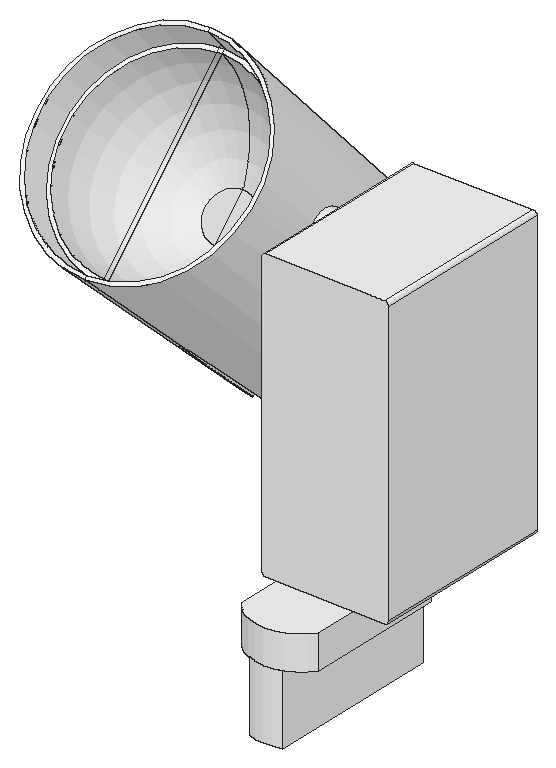
Revit family "0004864 Feilo Sylvania Lighting Fixture START TRACK SPOT S 24W 3K RA90 WB WHITE", category Lighting Fixtures, host Face, Revit 2017 (continued)
Definition of nested family "Start Track Spot Head"
  Types (96, lengths in mm): name | Wattage | built-in parameter 1150134 | Photometric Web File | Model | built-in parameter 1150105 | Lumens | built-in parameter 1150107 | built-in parameter 1150106 | HeadThickness_FEILO | HeadRibOffset_FEILO | HeadRibDepth_FEILO | HeadRibCutWidth_FEILO | HeadRibCutOffset_FEILO | HeadReflectorRadius_FEILO | HeadReflectorOffset_FEILO | HeadLEDRadius_FEILO | HeadHeight_FEILO | HeadDiffusorOffset_FEILO | HeadDiaOut_FEILO | HeadDiaIn_FEILO | HeadAxisFromTop_FEILO | Emit from Circle Diameter | built-in parameter 1150104 | Description | Apparent Load
    0004812 START TRACK SPOT S 14W 3K RA80 MB WHITE | 14 W | (empty or 0) | "0004812.ies" | "START TRACK SPOT S 14W 3K RA80 MB WHITE" | 120.32 (stored number, unit not read) | 1512 lm | 3000 (stored number, unit not read) | 1.2032 (stored number, unit not read) | 1.5 | 4.179 | 55.714 | 7.167 | 50.87 | 50.588 | 55.714 | 9.556 | 117 | 9.435 | 86 | 77.477 | 69.354 | 77.477 | 10.034 (stored number, unit not read) | "Integrated LED spotlight, Textured White - RAL9016, compact and minimalist design, ideal for retail applications, die-cast aluminium body, passive cooling heatsink. Beam angle: 36°, color temperature: 3000K , total system power: 14W, total fixture output: 1508 lm, LOR: 100%, colour rendering: Ra: 80 typical, LED Chromaticity: 3 step MacAdam ellipse, lifetime: >50000 hours at L70B50, energy class: A++, A+, A, IR/UV free light source without heat radiation, operating voltage: 220-240V / 50-60Hz, drive current: 350mA, electronic driver, non-dimmable, power factor: 0.92, electrical protection: Class II, Global Track 3 Phase adapter suitable for Global trac 3-circuit tracks, ingress protection rating: IP20, suitable for internal environment only, horizontal rotation: 355°, vertical tilt: 90°, dimensions: Ø86x140x200, weight: 0.940kg." | 14 VA
    0004811 START TRACK SPOT S 14W 3K RA80 NB WHITE | 14 W | (empty or 0) | "0004811.ies" | "START TRACK SPOT S 14W 3K RA80 NB WHITE" | 123.66 (stored number, unit not read) | 1554 lm | 3000 (stored number, unit not read) | 1.2366 (stored number, unit not read) | 1.5 | 4.179 | 55.714 | 7.167 | 50.87 | 50.588 | 55.714 | 9.556 | 117 | 9.435 | 86 | 77.477 | 69.354 | 77.477 | 10.312 (stored number, unit not read) | "Integrated LED spotlight, Textured White - RAL9016, compact and minimalist design, ideal for retail applications, die-cast aluminium body, passive cooling heatsink. Beam angle: 12°, color temperature: 3000K , total system power: 14W, total fixture output: 1551 lm, LOR: 100%, colour rendering: Ra: 80 typical, LED Chromaticity: 3 step MacAdam ellipse, lifetime: >50000 hours at L70B50, energy class: A++, A+, A, IR/UV free light source without heat radiation, operating voltage: 220-240V / 50-60Hz, drive current: 350mA, electronic driver, non-dimmable, power factor: 0.92, electrical protection: Class II, Global Track 3 Phase adapter suitable for Global trac 3-circuit tracks, ingress protection rating: IP20, suitable for internal environment only, horizontal rotation: 355°, vertical tilt: 90°, dimensions: Ø86x140x200, weight: 0.940kg." | 14 VA
  Reference planes
    plane 1 "Center (Front/Back)": y = 0
    plane 2: z = 0
    plane 3 "Center (Left/Right)": x = 0
    plane 4: x = 43
    plane 5: x = -43
    plane 6: x = -38.739
    plane 7: x = 38.739
    plane 8: z = 69.354
    plane 9: z = -47.646
    plane 10: x = -41.5
    plane 11: x = -37.239
    plane 12: z = -38.211
    plane 13: z = -35.211
    plane 14: z = 8.068
    plane 15: x = -9.556
    plane 16: x = -28.667
    plane 17: x = -19.111
    plane 18: x = -27.167
    plane 19: x = -17.611
    plane 20: x = -8.056
    plane 21: z = 13.64
    plane 22: x = -29.667
    plane 23: x = -26.167
    plane 24: x = -20.111
    plane 25: x = -16.611
    plane 26: x = -10.556
    plane 27: x = -7.056
    plane 28: x = -36.239
    plane 29: x = -40.5
    plane 30: z = 65.175
    plane 31: z = 60.997
    plane 32: z = 56.818
    plane 33: z = 18.484
    plane 34: y = -43
    plane 35: y = 43
    plane 36: y = 3.583
    plane 37: y = -3.583
    plane 38: y = -2.583
    plane 39: y = 2.583
    plane 40: y = 46
    plane 41: z = 13.5
    plane 42: z = -13.5
    plane 43: y = 39
    plane 44: x = 4.708
    plane 45: x = -2.458
    plane 46: x = -1.458
    plane 47: x = 1.458
  Forms (mm)
    Extrusion 1, solid
      sketch origin (4.2, 0, 0) x (1, 0, 0) y (0, 1, 0)
        loop
          line (-1219.2, 1219.2) -> (-1219.2, -1219.2) -> (1219.2, -1219.2) -> (1219.2, 1219.2) -> (-1219.2, 1219.2)
      from 0 to -68.017
    Revolve 2, solid, material <- "Material_1_FEILO", detail levels medium+fine
      sketch origin (0, 0, 0) x (1, 0, 0) y (0, 0, 1)
        loop
          line (-43, -47.646) -> (-41.5, -47.646) -> (-40.5, -35.211) -> (-38.739, -35.211)
          arc (-38.739, -35.211) -> (-30.16, -9.517) -> (-9.556, 8.068) r 50.588
          line (-9.556, 8.068) -> (0, 8.068) -> (0, 13.64) -> (-16.611, 13.64) -> (-17.611, 60.997) -> (-19.111, 60.997) -> (-20.111, 13.64) -> (-36.239, 13.64) -> (-37.239, 69.354) -> (-38.739, 69.354) -> (-43, -47.646)
        axis (0, 69.354) -> (0, -47.646)
      angle from 360 to 0
    Extrusion 3, void
      sketch origin (0, 0, 0) x (0, 1, 0) y (0, 0, 1)
        loop
          line (-3.583, 69.354) -> (-2.583, 18.484) -> (1.932, 18.484) -> (2.932, 69.354) -> (-3.583, 69.354)
      from 43 to -43
    Revolve 4, solid, material <- "Material_2_FEILO", detail levels medium+fine
      sketch origin (0, 0, 0) x (1, 0, 0) y (0, 0, 1)
        loop
          line (-41.5, -38.211) -> (0, -38.211) -> (0, -35.211) -> (-41.5, -35.211) -> (-41.5, -38.211)
        axis (0, -35.211) -> (0, -38.211)
      angle from 360 to 0
    Revolve 5, solid, material <- "Material_1_FEILO"
      sketch origin (0, 0, 0) x (0, 1, 0) y (0, 0, 1)
        loop
          line (46, 0) -> (39, 0) -> (39, -13.5) -> (46, -13.5) -> (46, 0)
        axis (39, 0) -> (46, 0)
      angle from 360 to 0
    Revolve 6, solid, material <- "Material_1_FEILO", detail levels medium+fine
      sketch origin (0, 0, 0) x (1, 0, 0) y (0, 0, 1)
        loop
          line (-29.667, 13.64) -> (-26.167, 13.64) -> (-27.167, 65.175) -> (-28.667, 65.175) -> (-29.667, 13.64)
        loop
          line (-10.556, 13.64) -> (-7.056, 13.64) -> (-7.833, 56.818) -> (-9.778, 56.818) -> (-10.556, 13.64)
        axis (0, 65.175) -> (0, 13.64)
      angle from 360 to 0
    Extrusion 7, void
      sketch origin (0, 0, 0) x (1, 0, 0) y (0, 0, 1)
        loop
          line (4.708, 69.354) -> (-2.458, 69.354) -> (-1.458, 13.64) -> (1.458, 13.64) -> (4.708, 69.354)
      from -43 to 43
    Revolve 8, solid, material <- "Material_1_FEILO", detail levels coarse
      sketch origin (0, 0, 0) x (1, 0, 0) y (0, 0, 1)
        loop
          line (0, 69.354) -> (-38.739, 69.354) -> (-43, -47.646) -> (-41.5, -47.646) -> (-40.731, -38.211) -> (0, -38.211) -> (0, 69.354)
        axis (0, 69.354) -> (0, -47.646)
      angle from 360 to 0
  Cuts and joins
    Extrusion 3 cuts Revolve 2
    Extrusion 7 cuts Revolve 6
  Dimensions and locks
    equal spacing: plane 7, plane 3 "Center (Left/Right)", plane 6
    equal spacing: plane 4, plane 3 "Center (Left/Right)", plane 5
    "HeadDiaOut_FEILO": plane 4 to plane 5
    "HeadDiaIn_FEILO": plane 7 to plane 6
    "HeadHeight_FEILO": plane 8 to plane 9
    "HeadThickness_FEILO": plane 10 to plane 5
    "HeadThickness_FEILO": plane 11 to plane 6
    "HeadDiffusorOffset_FEILO": plane 12 to plane 9
    "HeadDiffusorThickness_FEILO": plane 13 to plane 12
    "HeadReflectorOffset_FEILO": plane 14 to plane 9
    "HeadLEDRadius_FEILO": plane 3 "Center (Left/Right)" to plane 15
    "HeadLEDRadius_FEILO": plane 15 to plane 17
    "HeadLEDRadius_FEILO": plane 17 to plane 16
    "HeadThickness_FEILO": plane 18 to plane 16
    "HeadThickness_FEILO": plane 19 to plane 17
    "HeadThickness_FEILO": plane 20 to plane 15
    "HeadRibDepth_FEILO": plane 8 to plane 21
    "HeadDraft_FEILO": plane 16 to plane 22
    "HeadDraft_FEILO": plane 23 to plane 18
    "HeadDraft_FEILO": plane 17 to plane 24
    "HeadDraft_FEILO": plane 25 to plane 19
    "HeadDraft_FEILO": plane 15 to plane 26
    "HeadDraft_FEILO": plane 27 to plane 20
    "HeadDraft_FEILO": plane 29 to plane 10
    "HeadDraft_FEILO": plane 28 to plane 11
    "HeadRibOffset_FEILO": plane 8 to plane 30
    "HeadRibOffset_FEILO": plane 30 to plane 31
    "HeadRibOffset_FEILO": plane 31 to plane 32
    "HeadAxisFromTop_FEILO": plane 8 to plane 2
    "HeadRibCutOffset_FEILO": plane 8 to plane 33
    equal spacing: plane 34, plane 1 "Center (Front/Back)", plane 35
    "HeadDiaOut_FEILO": plane 34 to plane 35
    equal spacing: plane 38, plane 1 "Center (Front/Back)", plane 39
    equal spacing: plane 37, plane 1 "Center (Front/Back)", plane 36
    "HeadRibCutWidth_FEILO": plane 37 to plane 36
    "HeadDraft_FEILO": plane 37 to plane 38
    locked: plane 35 to plane 40 at 3
    equal spacing: plane 41, plane 2, plane 42
    locked: plane 42 to plane 41 at 27
    locked: plane 43 to plane 35 at 4
    equal spacing: plane 45, imposter light, plane 44
    "HeadDraft_FEILO": plane 46 to plane 45
    "HeadRibCutWidth_FEILO": plane 44 to plane 45
    equal spacing: plane 47, plane 3 "Center (Left/Right)", plane 46
    "HeadReflectorRadius_FEILO": radius of Revolve 2 sketch curve
    aligned and locked: plane 2 to Extrusion 1
    aligned and locked: level to Extrusion 1
    aligned and locked: Revolve 2 sketch curve to plane 3 "Center (Left/Right)"  (x2)
    aligned and locked: plane 9 to Revolve 2 sketch curve  (x2)
    aligned and locked: plane 5 to Revolve 2 sketch curve
    aligned and locked: plane 10 to Revolve 2 sketch curve
    aligned and locked: plane 14 to Revolve 2 sketch curve
    aligned and locked: plane 8 to Revolve 2 sketch curve
    aligned and locked: Revolve 2 sketch curve to plane 13
    aligned and locked: plane 12 to Revolve 4 sketch curve
    aligned and locked: plane 3 "Center (Left/Right)" to Revolve 4 sketch curve
    aligned and locked: Revolve 4 sketch curve to plane 10
    aligned and locked: Revolve 4 sketch curve to plane 3 "Center (Left/Right)"
    aligned and locked: plane 12 to imposter light
    aligned and locked: imposter light to plane 1 "Center (Front/Back)"
    aligned and locked: Revolve 5 sketch curve to plane 2
    aligned and locked: plane 43 to Revolve 5 sketch curve
    aligned and locked: plane 42 to Revolve 5 sketch curve
    aligned and locked: Revolve 6 sketch curve to plane 3 "Center (Left/Right)"
    aligned and locked: plane 22 to Revolve 6 sketch curve
    aligned and locked: plane 30 to Revolve 6 sketch curve
    aligned and locked: plane 23 to Revolve 6 sketch curve
    aligned and locked: Revolve 6 sketch curve to plane 21  (x2)
    aligned and locked: plane 21 to Revolve 6 sketch curve
    aligned and locked: plane 17 to Revolve 2 sketch curve
    aligned and locked: plane 19 to Revolve 2 sketch curve
    aligned and locked: plane 31 to Revolve 2 sketch curve
    aligned and locked: plane 21 to Revolve 2 sketch curve
    aligned and locked: Extrusion 3 to plane 8
    aligned and locked: plane 33 to Extrusion 3
    aligned and locked: plane 8 to Extrusion 3 sketch curve
    aligned and locked: Extrusion 3 sketch curve to plane 33
    aligned and locked: Extrusion 3 to plane 5
    aligned and locked: plane 4 to Extrusion 3
    aligned and locked: plane 32 to Revolve 6 sketch curve
    aligned and locked: plane 44 to Extrusion 7 sketch curve
    aligned and locked: Extrusion 7 sketch curve to plane 8
    aligned and locked: plane 46 to Extrusion 7 sketch curve
    aligned and locked: plane 21 to Extrusion 7 sketch curve
    aligned and locked: plane 34 to Extrusion 7
    aligned and locked: Extrusion 7 to plane 35
    aligned and locked: Revolve 4 sketch curve to plane 13
    aligned and locked: Revolve 5 sketch curve to plane 40
    aligned and locked: Revolve 8 sketch curve to plane 3 "Center (Left/Right)"
    aligned and locked: Revolve 8 sketch curve to cut or joined group of Revolve 2, Extrusion 3  (x3)
    aligned and locked: plane 5 to Revolve 8 sketch curve
    aligned and locked: plane 3 "Center (Left/Right)" to Revolve 8 sketch curve
    aligned and locked: plane 12 to Revolve 8 sketch curve
  Automatic sketch dimensions
    Extrusion 1 sketch curve to Extrusion 1 sketch curve = 2438.4 mm  (x2)
    Extrusion 3 sketch curve to plane 37 = 0 mm
    Extrusion 3 sketch curve to plane 38 = 0 mm
    plane 39 to Extrusion 3 sketch curve = 0.651 mm
    Extrusion 3 sketch curve to plane 39 = 0.349 mm
    Revolve 6 sketch curve to plane 16 = 0 mm
    Revolve 6 sketch curve to plane 18 = 0 mm
    Revolve 6 sketch curve to plane 26 = 0 mm
    Revolve 6 sketch curve to plane 27 = 0 mm
    Revolve 6 sketch curve to plane 15 = 0.222 mm
    plane 9 to Revolve 6 sketch curve = 559.103 mm
    Revolve 6 sketch curve to plane 8 = 2535.555 mm
    plane 20 to Revolve 6 sketch curve = 0.222 mm
    Revolve 2 sketch curve to plane 29 = 0 mm
    Revolve 2 sketch curve to plane 6 = 0 mm  (x2)
    Revolve 2 sketch curve to plane 11 = 0 mm
    Revolve 2 sketch curve to plane 21 = 0 mm
    Revolve 2 sketch curve to plane 28 = 0 mm
    Revolve 2 sketch curve to plane 24 = 0 mm
    Revolve 2 sketch curve to plane 25 = 0 mm
    Revolve 2 sketch curve to plane 15 = 0 mm
    Revolve 2 sketch curve to Revolve 2 sketch curve = 557.155 mm
    Revolve 2 sketch curve to plane 8 = 2535.558 mm
    Extrusion 7 sketch curve to plane 45 = 0 mm
    Extrusion 7 sketch curve to plane 47 = 0 mm
    plane 9 to Revolve 4 sketch curve = 559.103 mm
    Revolve 4 sketch curve to plane 8 = 2535.555 mm
    Revolve 5 sketch curve to level = 0 mm
    plane 34 to Revolve 5 sketch curve = 1968.092 mm
    Revolve 5 sketch curve to plane 40 = 1405.763 mm
    Revolve 8 sketch curve to plane 6 = 0 mm
    Revolve 8 sketch curve to plane 29 = 0.231 mm
    plane 9 to Revolve 8 sketch curve = 559.103 mm
    Revolve 8 sketch curve to Revolve 8 sketch curve = 2535.555 mm
Definition of nested family "Start Track Spot Box"
  Parameters (values of type "Type Large White")
    URL = "http://www.feilosylvania.com"
    Type Image = (empty or 0)
    Type Comments = "n/a"
    Small_FEILO = no
    Material_3_FEILO = none
    Model = ""
    Manufacturer = "Feilo Sylvania"
    Keynote = ""
    Material_2_FEILO = none
    Description = ""
    Default Elevation = 1219.2 mm
    Cost = 0
    Material_1_FEILO = none
    BoxWidth_FEILO = 49 mm
    BoxStartAngle_FEILO [instance] = 0.00°
    BoxRadius_FEILO = 1.5 mm
    BoxHeight_FEILO = if(Small_FEILO, 112 mm, 136 mm)  # 136 mm
    BoxEndAngle_FEILO [instance] = BoxStartAngle_FEILO - 180.00°  # -180.00°
    BoxDepth_FEILO = if(Small_FEILO, 71.5 mm, 79 mm)  # 79 mm
    BoxAxisVerticalOffset_FEILO = 16 mm
    BoxAxisOffset_FEILO = BoxHeight_FEILO / 6.8  # 20 mm
    Assembly Code = ""
    Material_4_FEILO = none
  Types (4, lengths in mm): name | Small_FEILO | BoxHeight_FEILO | BoxDepth_FEILO | BoxAxisOffset_FEILO
    Type Large White | no | 136 | 79 | 20
    Type Small White | yes | 112 | 71.5 | 16.471
    Type Small Black | yes | 112 | 71.5 | 16.471
    Type Large Black | no | 136 | 79 | 20
  Reference planes
    plane 1 "Center (Front/Back)": y = 0
    plane 2: z = 0
    plane 3 "Center (Left/Right)": x = 0
    plane 4: x = 24.5
    plane 5: x = -24.5
    plane 6: y = 68
    plane 7: y = -68
    plane 8: z = 39.5
    plane 9: z = -39.5
    plane 10: y = -48
    plane 11: x = 30.5
    plane 12: x = 8.5
    plane 13: x = 21.5
    plane 14: y = 70
    plane 15: y = 72
    plane 16: x = 19.5
  Forms (mm)
    Extrusion 1, solid
      sketch origin (4.2, 0, 0) x (1, 0, 0) y (0, 1, 0)
        loop
          line (-1219.2, 1219.2) -> (-1219.2, -1219.2) -> (1219.2, -1219.2) -> (1219.2, 1219.2) -> (-1219.2, 1219.2)
      from 0 to -68.017
    Extrusion 2, solid, material <- "Material_1_FEILO"
      sketch origin (0, 0, 0) x (1, 0, 0) y (0, 1, 0)
        loop
          arc (-23, 68) -> (-24.061, 67.561) -> (-24.5, 66.5) r 1.5
          line (-24.5, 66.5) -> (-24.5, -66.5)
          arc (-24.5, -66.5) -> (-24.061, -67.561) -> (-23, -68) r 1.5
          line (-23, -68) -> (23, -68)
          arc (23, -68) -> (24.061, -67.561) -> (24.5, -66.5) r 1.5
          line (24.5, -66.5) -> (24.5, 66.5)
          arc (24.5, 66.5) -> (24.061, 67.561) -> (23, 68) r 1.5
          line (23, 68) -> (-23, 68)
      from -39.5 to 39.5
    Revolve 3, solid, not visible
      sketch origin (0, 0, 0) x (1, 0, 0) y (0, 1, 0)
        loop
          line (30.5, -48) -> (24.5, -48) -> (24.5, -68) -> (30.5, -68) -> (30.5, -48)
        axis (30.5, -48) -> (24.5, -48)
      angle from 0 <- "BoxStartAngle_FEILO" to -180 <- "BoxEndAngle_FEILO"
    Revolve 4, solid, material <- "Material_2_FEILO"
      sketch origin (0, 0, 0) x (1, 0, 0) y (0, 1, 0)
        loop
          line (8.5, 68) -> (19.5, 68) -> (19.5, 70) -> (21.5, 70) -> (21.5, 72) -> (8.5, 72) -> (8.5, 68)
        axis (8.5, 72) -> (8.5, 68)
      angle from 360 to 0
  Dimensions and locks
    equal spacing: plane 5, plane 3 "Center (Left/Right)", plane 4
    "BoxWidth_FEILO": plane 5 to plane 4
    equal spacing: plane 7, plane 1 "Center (Front/Back)", plane 6
    "BoxHeight_FEILO": plane 7 to plane 6
    equal spacing: plane 8, plane 2, plane 9
    "BoxDepth_FEILO": plane 8 to plane 9
    "BoxAxisOffset_FEILO": plane 7 to plane 10
    locked: plane 4 to plane 11 at 6
    "BoxAxisVerticalOffset_FEILO": plane 12 to plane 4
    locked: plane 12 to plane 13 at 13
    plane 6 to plane 14 to plane 15 = 2 mm locked, 2 mm locked
    locked: plane 12 to plane 16 at 11
    "BoxRadius_FEILO": radius of Extrusion 2 sketch curve  (x4)
    aligned and locked: plane 2 to Extrusion 1
    aligned and locked: level to Extrusion 1
    aligned and locked: plane 6 to Extrusion 2 sketch curve
    aligned and locked: plane 5 to Extrusion 2 sketch curve
    aligned and locked: Extrusion 2 sketch curve to plane 7
    aligned and locked: Extrusion 2 sketch curve to plane 4
    aligned and locked: Extrusion 2 to plane 8
    aligned and locked: plane 9 to Extrusion 2
    aligned and locked: Revolve 3 sketch curve to plane 10  (x2)
    aligned and locked: plane 11 to Revolve 3 sketch curve
    aligned and locked: Revolve 3 sketch curve to plane 4
    aligned and locked: plane 7 to Revolve 3 sketch curve
    aligned and locked: Revolve 4 sketch curve to plane 12
    aligned and locked: plane 6 to Revolve 4 sketch curve
    aligned and locked: plane 12 to Revolve 4 sketch curve
    aligned and locked: plane 15 to Revolve 4 sketch curve
    aligned and locked: Revolve 4 sketch curve to plane 13
    aligned and locked: Revolve 4 sketch curve to plane 14
    aligned and locked: Revolve 4 sketch curve to plane 16
    aligned and locked: Revolve 4 sketch curve to plane 6
  Automatic sketch dimensions
    Extrusion 1 sketch curve to Extrusion 1 sketch curve = 2438.4 mm  (x2)
    Revolve 3 sketch curve to plane 5 = 1499.5 mm
    plane 11 to Revolve 3 sketch curve = 1493.5 mm
    plane 15 to Revolve 4 sketch curve = 0 mm
    plane 7 to Revolve 4 sketch curve = 1456 mm
    Revolve 4 sketch curve to plane 15 = 1452 mm
